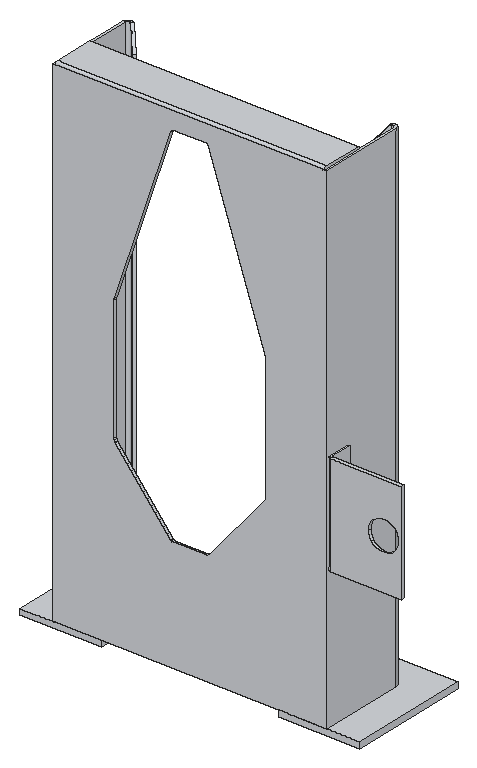
Revit family "Rebase 20.000", category Mechanical Equipment, Revit 2014
Parameters
  Vikt = 0 mm
  URL = "http://www.rebase.se/documents/Files/Produkter/Fixturer/WC/Byggmatt_20.000_och_20.006.pdf"
  Type Comments = ""
  Väggskivetjocklek [instance] = 26 mm
  Sidodragning [instance] = no
  Model = "20.000"
  Minsta fria innermått [instance] = if(not(Sidodragning), 120 mm, 200 mm)  # 120 mm
  Manufacturer = "Rebase AB"
  Description = "WC-fixtur"
Reference planes
  plane 1 "Center (Front/Back)": y = 0
  plane 2: z = 0
  plane 3 "Center (Left/Right)": x = 0
  plane 4: y = 26
Dimensions and locks
  "Väggskivetjocklek": plane 4 to plane 1 "Center (Front/Back)"
  aligned and locked: level to plane 2
  aligned and locked: plane 4 to nested 1
Nested families
  nested 1: "20_000" at (0, 26, 0), type "20_000"
Definition of nested family "20_000"
  Reference planes
    plane 1 "Center (Front/Back)": y = 0
    plane 2: z = 0
    plane 3 "Center (Left/Right)": x = 0
  Forms (mm)
    Extrusion 1, solid
      sketch origin (0, 0, 0) x (1, 0, 0) y (0, 1, 0)
        loop
          arc (-126.77, 88.817) -> (-132.104, 89.536) -> (-135, 85) r 5
          line (-135, 85) -> (-135, 0) -> (135, 0) -> (135, 85)
          arc (135, 85) -> (132.104, 89.536) -> (126.77, 88.817) r 5
          line (126.77, 88.817) -> (114.042, 76.089) -> (115.81, 74.321) -> (128.538, 87.049)
          arc (128.538, 87.049) -> (131.143, 87.23) -> (132.5, 85) r 2.511
          line (132.5, 85) -> (132.5, 2.5) -> (-132.5, 2.5) -> (-132.5, 85)
          arc (-132.5, 85) -> (-131.143, 87.23) -> (-128.538, 87.049) r 2.511
          line (-128.538, 87.049) -> (-115.81, 74.321) -> (-114.042, 76.089) -> (-126.77, 88.817)
      from 6 to 498.5
    Extrusion 2, solid
      sketch origin (0, 0, 0) x (1, 0, 0) y (0, 1, 0)
        loop
          line (-167.5, 0) -> (-87.5, 0) -> (-87.5, 120) -> (-167.5, 120) -> (-167.5, 0)
      from 0 to 6
    Extrusion 3, solid
      sketch origin (255, 0, 0) x (1, 0, 0) y (0, 1, 0)
        loop
          line (-167.5, 0) -> (-87.5, 0) -> (-87.5, 120) -> (-167.5, 120) -> (-167.5, 0)
      from 0 to 6
    Extrusion 4, void
      sketch origin (163.432, -201.385, 199.833) x (0.707107, -0.707107, 0) y (0, 0, 1)
        loop
          line (-410.408, 298.667) -> (-392.408, 280.667) -> (-392.408, 298.667) -> (-410.408, 298.667)
      from 0 to 2.5
    Extrusion 5, void
      sketch origin (-163.432, -201.385, 199.833) x (-0.707107, -0.707107, 0) y (0, 0, -1)
        loop
          line (-410.408, -298.667) -> (-392.408, -298.667) -> (-392.408, -280.667) -> (-410.408, -298.667)
      from 0 to 2.5
    Extrusion 6, void
      sketch origin (0, 0, 2.5) x (1, 0, 0) y (0, 0, 1)
        loop
          arc (-14.195, 479.5) -> (-16.952, 478.671) -> (-18.795, 476.459) r 5
          line (-18.795, 476.459) -> (-74.6, 310.439)
          arc (-74.6, 310.439) -> (-74.899, 309.479) -> (-75, 308.48) r 5
          line (-75, 308.48) -> (-75, 186.29)
          arc (-75, 186.29) -> (-74.707, 184.605) -> (-73.864, 183.117) r 5
          line (-73.864, 183.117) -> (-19, 116.326)
          arc (-19, 116.326) -> (-17.273, 114.98) -> (-15.137, 114.5) r 5
          line (-15.137, 114.5) -> (15.137, 114.5)
          arc (15.137, 114.5) -> (17.273, 114.98) -> (19, 116.326) r 5
          line (19, 116.326) -> (73.864, 183.117)
          arc (73.864, 183.117) -> (74.707, 184.605) -> (75, 186.29) r 5
          line (75, 186.29) -> (75, 308.48)
          arc (75, 308.48) -> (74.899, 309.479) -> (74.6, 310.439) r 5
          line (74.6, 310.439) -> (18.795, 476.459)
          arc (18.795, 476.459) -> (16.952, 478.671) -> (14.195, 479.5) r 5
          line (14.195, 479.5) -> (-14.195, 479.5)
      from 0 to -2.5
    Extrusion 7, solid
      sketch origin (0, 0, 0) x (1, 0, 0) y (0, 1, 0)
        loop
          line (135, 25) -> (135, 4)
          arc (135, 4) -> (136.172, 1.172) -> (139, 0) r 4
          line (139, 0) -> (209, 0) -> (209, 2.5) -> (139, 2.5)
          arc (139, 2.5) -> (137.939, 2.939) -> (137.5, 4) r 1.5
          line (137.5, 4) -> (137.5, 25) -> (135, 25)
      from 146 to 246
    Extrusion 8, void
      sketch origin (0, 0, 0) x (1, 0, 0) y (0, 0, 1)
        loop
          circle (191, 196) r 15
      from 0 to -2.5
    Extrusion 9, solid
      sketch origin (0, 0, 0) x (1, 0, 0) y (0, 0, 1)
        loop
          line (-132.5, 498.5) -> (132.5, 498.5) -> (132.5, 501) -> (-132.5, 501) -> (-132.5, 498.5)
      from -2.5 to -42
    Extrusion 10, solid
      sketch origin (0, 0, 0) x (0, 1, 0) y (0, 0, 1)
        loop
          line (0, 498.5) -> (2.5, 498.5) -> (2.5, 501)
          arc (2.5, 501) -> (0.732, 500.268) -> (0, 498.5) r 2.5
      from -132.5 to 132.5
  Cuts and joins
    Extrusion 8 cuts Extrusion 7
    Extrusion 4, Extrusion 5, Extrusion 6 cuts Extrusion 1
    joined: Extrusion 1, Extrusion 9, Extrusion 10
  Dimensions and locks
    aligned and locked: level to plane 2
